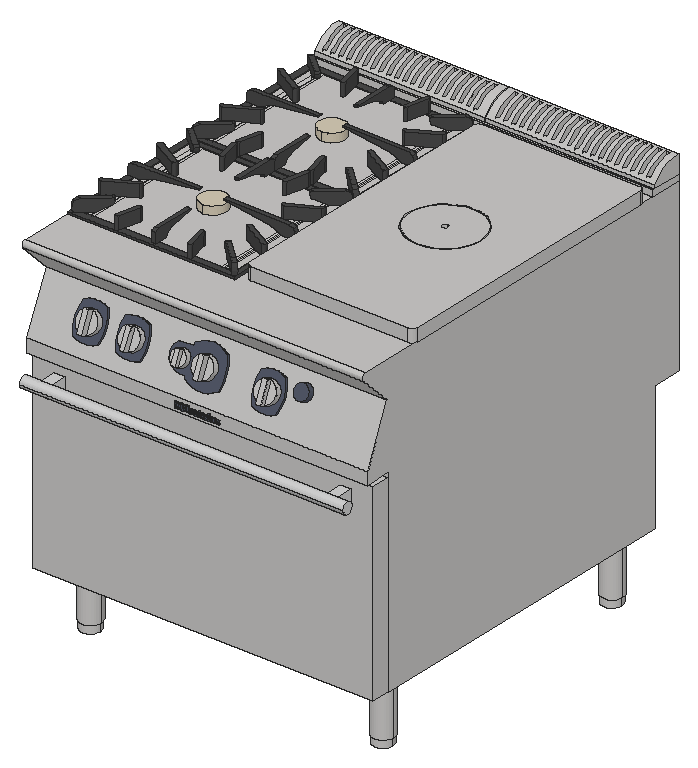
Revit family "QF_ELECTROLUXPROFESSIONAL_391020_E9STGH30G0", category Specialty Equipment, Revit 2018 (continued)
Definition of nested family "371009_BURNER"
  Automatic sketch dimensions
    curve 75 to curve 74 = 3.351 mm
    plane 3 "LEFT" to curve 46 = 65.629 mm
    plane 3 "LEFT" to curve 44 = 65.629 mm
    curve 45 to curve 45 = 2.408 mm
    curve 46 to curve 49 = 2.408 mm
    curve 49 to curve 48 = 2.408 mm
    curve 45 to curve 42 = 2.408 mm
    curve 38 to plane 8 "Center X" = 2.597 mm
    curve 38 to plane 7 "Center Y" = 51.172 mm
    curve 33 to plane 8 "Center X" = 2.597 mm
    curve 38 to curve 33 = 12.999 mm
    curve 33 to plane 7 "Center Y" = 5 mm
    curve 38 to plane 7 "Center Y" = 5 mm
    curve 31 to curve 33 = 0 mm
    plane 7 "Center Y" to curve 32 = 5 mm
    plane 7 "Center Y" to curve 40 = 5 mm
    curve 39 to curve 32 = 0 mm
    curve 39 to plane 8 "Center X" = 2.597 mm
    plane 7 "Center Y" to curve 39 = 38.172 mm
    curve 40 to plane 8 "Center X" = 2.704 mm
    curve 39 to curve 40 = 12.979 mm
    curve 50 to plane 4 "RIGHT" = 70.445 mm
    curve 57 to plane 4 "RIGHT" = 70.445 mm
    curve 50 to curve 53 = 2.408 mm
    curve 57 to curve 57 = 2.408 mm  (x2)
    curve 53 to curve 53 = 2.408 mm
    curve 71 to curve 71 = 3.351 mm
    curve 67 to curve 67 = 3.351 mm
    curve 71 to curve 69 = 3.351 mm
    curve 67 to curve 65 = 3.351 mm
    curve 60 to plane 4 "RIGHT" = 15 mm
    curve 72 to plane 5 "FRONT" = 0.514 mm
    curve 72 to plane 4 "RIGHT" = 8.029 mm
    plane 1 "BACK" to curve 68 = 0.514 mm
    curve 68 to plane 4 "RIGHT" = 8.029 mm
    curve 50 to plane 4 "RIGHT" = 7.81 mm
    curve 55 to plane 4 "RIGHT" = 7.81 mm
    curve 55 to curve 55 = 2.408 mm
    curve 50 to curve 51 = 2.408 mm
    curve 55 to plane 4 "RIGHT" = 2.995 mm
    curve 51 to plane 4 "RIGHT" = 2.995 mm
    curve 69 to plane 4 "RIGHT" = 1.326 mm
    curve 65 to plane 4 "RIGHT" = 1.326 mm
    curve 72 to plane 5 "FRONT" = 7.935 mm
    curve 60 to plane 5 "FRONT" = 20.286 mm
    curve 71 to curve 56 = 27.93 mm
    curve 73 to curve 48 = 27.93 mm
    curve 47 to curve 47 = 4.382 mm
    curve 55 to curve 55 = 4.382 mm
    curve 56 to plane 8 "Center X" = 55.651 mm
    curve 48 to plane 8 "Center X" = 55.651 mm
    curve 57 to curve 57 = 4.382 mm
    curve 49 to curve 49 = 4.382 mm
    curve 40 to plane 8 "Center X" = 44.773 mm
    curve 39 to curve 32 = 4.818 mm
    plane 8 "Center X" to curve 31 = 2.403 mm
    plane 8 "Center X" to curve 45 = 46.886 mm
    plane 8 "Center X" to curve 52 = 46.886 mm
    curve 53 to curve 53 = 4.382 mm
    curve 45 to curve 45 = 4.382 mm
    curve 53 to curve 52 = 34.416 mm
    curve 44 to curve 61 = 36.694 mm
    curve 43 to curve 43 = 4.382 mm
    curve 51 to curve 51 = 4.382 mm
    curve 51 to curve 65 = 27.93 mm
    plane 1 "BACK" to curve 83 = 20.286 mm
    plane 1 "BACK" to curve 88 = 15 mm
    plane 1 "BACK" to curve 77 = 15 mm
    curve 77 to curve 83 = 30.799 mm
    curve 78 to plane 5 "FRONT" = 15 mm
    curve 80 to curve 71 = 7.989 mm
    curve 78 to curve 60 = 30.799 mm
    curve 78 to curve 80 = 13.475 mm
    curve 55 to curve 79 = 10.979 mm
    curve 82 to curve 57 = 6.514 mm
    curve 80 to curve 78 = 0 mm
    curve 80 to curve 82 = 11.41 mm
    curve 77 to curve 66 = 37.77 mm
    curve 60 to curve 79 = 11.41 mm
    plane 8 "Center X" to curve 81 = 7.403 mm
    plane 8 "Center X" to curve 84 = 7.403 mm
    curve 82 to plane 8 "Center X" = 2.597 mm
    curve 82 to curve 84 = 0 mm
    curve 79 to plane 8 "Center X" = 2.597 mm
    curve 79 to curve 81 = 0 mm
    curve 81 to curve 51 = 10.979 mm
    curve 53 to curve 85 = 17.924 mm
    curve 84 to curve 81 = 30.799 mm
    curve 84 to curve 85 = 11.41 mm
    curve 52 to curve 84 = 19.83 mm
    curve 81 to curve 83 = 11.41 mm
    curve 67 to curve 85 = 7.989 mm
    curve 85 to curve 77 = 0 mm
    curve 85 to curve 77 = 13.475 mm
    curve 86 to curve 37 = 26.152 mm
    curve 4 to curve 86 = 10.263 mm
    curve 86 to curve 4 = 0 mm
    curve 36 to curve 21 = 26.152 mm
    curve 88 to curve 88 = 25 mm
    plane 8 "Center X" to curve 89 = 69.193 mm
    curve 43 to curve 90 = 9.597 mm
    curve 43 to curve 90 = 0.432 mm
    plane 1 "BACK" to curve 90 = 20.286 mm
    curve 93 to plane 8 "Center X" = 2.597 mm
    plane 8 "Center X" to curve 91 = 7.403 mm
    curve 95 to plane 8 "Center X" = 69.193 mm
    curve 93 to curve 94 = 28.333 mm
    curve 95 to curve 12 = 33.104 mm
    curve 21 to curve 87 = 10.263 mm
    curve 87 to curve 21 = 0 mm
    curve 91 to curve 90 = 11.41 mm
    curve 89 to curve 87 = 21.732 mm
    curve 89 to curve 92 = 11.41 mm
    curve 92 to curve 89 = 0 mm
    plane 8 "Center X" to curve 92 = 7.403 mm
    curve 91 to curve 90 = 0 mm
    curve 93 to curve 95 = 0 mm
    curve 93 to curve 95 = 11.41 mm
    curve 11 to curve 94 = 0 mm
    curve 11 to curve 94 = 11.41 mm
    curve 95 to curve 11 = 30.799 mm
    curve 95 to curve 12 = 13.475 mm
    plane 3 "LEFT" to curve 95 = 45.799 mm
    curve 95 to curve 5 = 33.104 mm
    Extrusion 8 sketch curve to Extrusion 3 = 5.275 mm  (x2)
    Extrusion 8 sketch curve to Extrusion 8 sketch curve = 1.125 mm  (x16)
    Extrusion 3 to Extrusion 8 sketch curve = 38.711 mm  (x2)
    Extrusion 8 sketch curve to Extrusion 3 = 7.19 mm  (x3)
    Extrusion 3 to Extrusion 8 sketch curve = 72.734 mm  (x2)
    Extrusion 8 sketch curve to Extrusion 8 sketch curve = 4.382 mm  (x16)
    Extrusion 8 sketch curve to Extrusion 3 = 2.995 mm  (x4)
    Extrusion 8 sketch curve to Extrusion 8 sketch curve = 34.416 mm  (x4)
    Extrusion 3 to Extrusion 8 sketch curve = 50.629 mm  (x3)
    Extrusion 8 sketch curve to Extrusion 8 sketch curve = 93.773 mm  (x2)
    Extrusion 3 to Extrusion 8 sketch curve = 40.96 mm  (x2)
    Extrusion 8 sketch curve to Extrusion 3 = 7.476 mm  (x2)
    Extrusion 8 sketch curve to Extrusion 8 sketch curve = 2.408 mm  (x4)
    Extrusion 3 to Extrusion 8 sketch curve = 91.634 mm  (x2)
    Extrusion 8 sketch curve to Extrusion 8 sketch curve = 4.872 mm  (x8)
    Extrusion 8 sketch curve to Extrusion 8 sketch curve = 11.182 mm  (x4)
    Extrusion 3 to Extrusion 8 sketch curve = 112.56 mm
    Extrusion 8 sketch curve to Extrusion 8 sketch curve = 61.931 mm
    Extrusion 3 to Extrusion 8 sketch curve = 55.445 mm
    Extrusion 8 sketch curve to Extrusion 8 sketch curve = 4.816 mm
    curve 67 to curve 85 = 19.656 mm
    curve 71 to curve 80 = 19.656 mm
    curve 99 to plane 5 "FRONT" = 7.524 mm
    curve 74 to curve 99 = 41.179 mm
    curve 98 to curve 99 = 4.872 mm
    curve 96 to plane 5 "FRONT" = 5.275 mm
    curve 99 to curve 96 = 4.872 mm
    curve 99 to curve 98 = 11.182 mm
    curve 98 to curve 97 = 4.872 mm
    curve 96 to plane 5 "FRONT" = 53.711 mm
    curve 97 to curve 96 = 4.872 mm
    curve 97 to curve 97 = 1.125 mm
    curve 103 to curve 70 = 62.105 mm
    curve 103 to curve 103 = 4.872 mm  (x2)
    curve 100 to plane 5 "FRONT" = 5.275 mm
    curve 100 to curve 100 = 11.182 mm
    curve 101 to curve 101 = 4.872 mm
    curve 102 to plane 5 "FRONT" = 7.524 mm
    curve 101 to curve 102 = 4.872 mm
    curve 100 to curve 100 = 48.436 mm
    curve 103 to curve 103 = 1.125 mm
    curve 106 to curve 67 = 62.105 mm
    curve 107 to curve 107 = 4.872 mm
    plane 1 "BACK" to curve 104 = 55.96 mm
    curve 107 to curve 104 = 4.872 mm
    plane 1 "BACK" to curve 105 = 5.275 mm
    curve 107 to curve 105 = 11.182 mm
    curve 105 to curve 105 = 4.872 mm  (x2)
    curve 107 to curve 107 = 1.125 mm
    plane 1 "BACK" to curve 104 = 7.524 mm
    plane 1 "BACK" to curve 109 = 7.524 mm
    curve 62 to curve 109 = 41.179 mm
    curve 109 to curve 109 = 4.872 mm
    plane 1 "BACK" to curve 108 = 5.275 mm
    curve 109 to curve 108 = 4.872 mm
    curve 110 to curve 111 = 11.182 mm
    curve 110 to curve 111 = 4.872 mm
    plane 1 "BACK" to curve 108 = 53.711 mm
    curve 111 to curve 108 = 4.872 mm
    curve 111 to curve 108 = 2.25 mm
    radius of Extrusion 4 sketch curve = 30 mm
